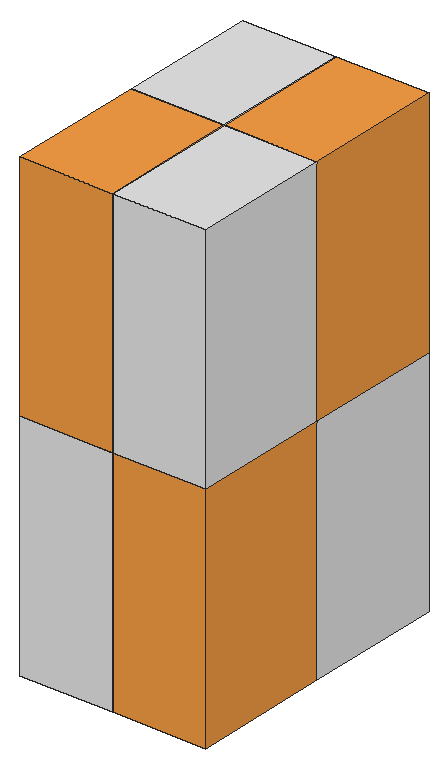
Revit family "DBU_GM_UN_Opening-SymbolicRectangular-MEPcontent_gen_BERSnl", category Generic Models, Revit 2022
Family settings
  Can host rebar = No
  Round Connector Dimension = Use Diameter
  Part Type = Normal
  Work Plane-Based = No
  Always vertical = No
  Cut with Voids When Loaded = No
  Maintain Annotation Orientation = No
  Shared = No
  Room Calculation Point = No
Parameters
  Response [instance] = if(DBU_OpeningStatus = 0, "Request", if(DBU_OpeningStatus = 1, "Declined", if(DBU_OpeningStatus = 2, "Approved", if(DBU_OpeningStatus = 3, "Approved Drilling", if(DBU_OpeningStatus = 4, "On Hold", if(DBU_OpeningStatus = 5, "Executed", "Invalid"))))))  # "Request"
  Request [instance] = DBU_OpeningStatus = 0  # yes
  On Hold [instance] = DBU_OpeningStatus = 3  # no
  Not Drilling [instance] = yes
  Execution Type [instance] = if(Not Drilling, "Not Drilling", "Drilling")  # "Not Drilling"
  Executed [instance] = DBU_OpeningStatus = 4  # no
  Drilling [instance] = not(Not Drilling)  # no
  Default Elevation = 0 mm
  Declined [instance] = DBU_OpeningStatus = 1  # no
  DBU_OpeningStatus [instance] = 0
  DBU_CTE_Zone [instance] = ""
  DBU_CTE_Z Value - Top [instance] = ""
  DBU_CTE_Z Value - Center [instance] = ""
  DBU_CTE_Z Coordinate Value [instance] = ""
  DBU_CTE_Level [instance] = ""
  DBU_CTE_ID [instance] = ""
  DBU_CTE_Host ID [instance] = ""
  DBU_CTE_Discipline [instance] = ""
  DBU_CTE_Classificatie [instance] = ""
  DBU_CTE_BuildingPart [instance] = ""
  DBU_CLE_Width [instance] = 200 mm
  DBU_CLE_Height [instance] = 500 mm
  DBU_CLE_Depth [instance] = 300 mm
  Approved [instance] = DBU_OpeningStatus = 2  # no
Reference planes
  plane 1 "Center (Front/Back)": y = 0
  plane 2: z = 0
  plane 3 "Center (Left/Right)": x = 0
Lines and regions (mm)
  model lines, style "InvisibleLines"
    curve 1: line (0, 0, -2500) -> (0, 0, 2500)
Dimensions and locks
  aligned and locked: level to plane 2
  aligned and locked: plane 3 "Center (Left/Right)" to nested 1
  aligned and locked: plane 1 "Center (Front/Back)" to nested 1
  aligned and locked: curve 1 to plane 3 "Center (Left/Right)"
  aligned and locked: curve 1 to plane 1 "Center (Front/Back)"
Nested families
  nested 1: "DBU_OpeningRectangular" at (0, 0, 0), Depth <- "DBU_CLE_Depth", Height <- "DBU_CLE_Height", Width <- "DBU_CLE_Width", ConstructorStatus <- "DBU_OpeningStatus", type "DBU_OpeningRectangular"
    with Width 200 mm, Request yes, RecessNeutral Color RGB 230-230-230, RecessDisplayMaterial none, OnHold no, Height 500 mm, Executed no, Depth 300 mm, Declined no, ConstructorStatus 0, Approved no
Definition of nested family "DBU_OpeningRectangular"
  Parameters (values of type "DBU_OpeningRectangular")
    Width [instance] = 1915.454 mm
    Request [instance] = not(or(Declined, Approved, OnHold, Executed))  # yes
    RecessNeutral [instance] = none
    RecessDisplayMaterial [instance] = none
    OnHold [instance] = ConstructorStatus = 3  # no
    Height [instance] = 304.8 mm
    Executed [instance] = ConstructorStatus = 4  # no
    Depth [instance] = 1954.727 mm
    Default Elevation = 1219.2 mm
    Declined [instance] = ConstructorStatus = 1  # no
    ConstructorStatus [instance] = 0
    Approved [instance] = ConstructorStatus = 2  # no
  Reference planes
    plane 1 "Center (Front/Back)": y = 0
    plane 2: z = 0
    plane 3 "Center (Left/Right)": x = 0
    plane 4: y = 977.363
    plane 5: x = 957.727
    plane 6: y = -977.363
    plane 7: x = -957.727
    plane 8: z = -304.8
    plane 9: z = -152.4
  Forms (mm)
    Extrusion 1, solid, material <- "RecessNeutral"
      sketch origin (0, 0, 0) x (1, 0, 0) y (0, 1, 0)
        loop
          line (-957.727, 0) -> (-957.727, -977.363) -> (0, -977.363) -> (0, 0) -> (-957.727, 0)
      from -304.8 to -152.4
    Extrusion 2, solid, visible <- "Request"
      sketch origin (0, 0, 0) x (1, 0, 0) y (0, 1, 0)
        loop
          line (0, 0) -> (0, -977.363) -> (957.727, -977.363) -> (957.727, 0) -> (0, 0)
      from -304.8 to -152.4
    Extrusion 3, solid, visible <- "Request"
      sketch origin (0, 0, 0) x (1, 0, 0) y (0, 1, 0)
        loop
          line (-957.727, 0) -> (-957.727, -977.363) -> (0, -977.363) -> (0, 0) -> (-957.727, 0)
      from -152.4 to 0
    Extrusion 4, solid, material <- "RecessNeutral"
      sketch origin (0, 0, 0) x (1, 0, 0) y (0, 1, 0)
        loop
          line (0, 0) -> (0, -977.363) -> (957.727, -977.363) -> (957.727, 0) -> (0, 0)
      from -152.4 to 0
    Extrusion 5, solid, visible <- "Request"
      sketch origin (0, 0, 0) x (1, 0, 0) y (0, 1, 0)
        loop
          line (-957.727, 977.363) -> (-957.727, 0) -> (0, 0) -> (0, 977.363) -> (-957.727, 977.363)
      from -304.8 to -152.4
    Extrusion 6, solid, material <- "RecessNeutral"
      sketch origin (0, 0, 0) x (1, 0, 0) y (0, 1, 0)
        loop
          line (0, 977.363) -> (0, 0) -> (957.727, 0) -> (957.727, 977.363) -> (0, 977.363)
      from -304.8 to -152.4
    Extrusion 7, solid, material <- "RecessNeutral"
      sketch origin (0, 0, 0) x (1, 0, 0) y (0, 1, 0)
        loop
          line (-957.727, 977.363) -> (-957.727, 0) -> (0, 0) -> (0, 977.363) -> (-957.727, 977.363)
      from -152.4 to 0
    Extrusion 8, solid, visible <- "Request"
      sketch origin (0, 0, 0) x (1, 0, 0) y (0, 1, 0)
        loop
          line (0, 977.363) -> (0, 0) -> (957.727, 0) -> (957.727, 977.363) -> (0, 977.363)
      from -152.4 to 0
    Extrusion 9, solid, visible <- "Declined"
      sketch origin (0, 0, 0) x (1, 0, 0) y (0, 1, 0)
        loop
          line (0, 0) -> (0, -977.363) -> (957.727, -977.363) -> (957.727, 0) -> (0, 0)
      from -304.8 to -152.4
    Extrusion 10, solid, visible <- "Declined"
      sketch origin (0, 0, 0) x (1, 0, 0) y (0, 1, 0)
        loop
          line (-957.727, 0) -> (-957.727, -977.363) -> (0, -977.363) -> (0, 0) -> (-957.727, 0)
      from -152.4 to 0
    Extrusion 11, solid, visible <- "Declined"
      sketch origin (0, 0, 0) x (1, 0, 0) y (0, 1, 0)
        loop
          line (-957.727, 977.363) -> (-957.727, 0) -> (0, 0) -> (0, 977.363) -> (-957.727, 977.363)
      from -304.8 to -152.4
    Extrusion 12, solid, visible <- "Declined"
      sketch origin (0, 0, 0) x (1, 0, 0) y (0, 1, 0)
        loop
          line (0, 977.363) -> (0, 0) -> (957.727, 0) -> (957.727, 977.363) -> (0, 977.363)
      from -152.4 to 0
    Extrusion 13, solid, visible <- "Approved"
      sketch origin (0, 0, 0) x (1, 0, 0) y (0, 1, 0)
        loop
          line (-957.727, 0) -> (-957.727, -977.363) -> (0, -977.363) -> (0, 0) -> (-957.727, 0)
      from -152.4 to 0
    Extrusion 14, solid, visible <- "Approved"
      sketch origin (0, 0, 0) x (1, 0, 0) y (0, 1, 0)
        loop
          line (0, 977.363) -> (0, 0) -> (957.727, 0) -> (957.727, 977.363) -> (0, 977.363)
      from -152.4 to 0
    Extrusion 15, solid, visible <- "Approved"
      sketch origin (0, 0, 0) x (1, 0, 0) y (0, 1, 0)
        loop
          line (0, 0) -> (0, -977.363) -> (957.727, -977.363) -> (957.727, 0) -> (0, 0)
      from -304.8 to -152.4
    Extrusion 16, solid, visible <- "Approved"
      sketch origin (0, 0, 0) x (1, 0, 0) y (0, 1, 0)
        loop
          line (-957.727, 977.363) -> (-957.727, 0) -> (0, 0) -> (0, 977.363) -> (-957.727, 977.363)
      from -304.8 to -152.4
    Extrusion 17, solid, visible <- "OnHold"
      sketch origin (0, 0, 0) x (1, 0, 0) y (0, 1, 0)
        loop
          line (-957.727, 0) -> (-957.727, -977.363) -> (0, -977.363) -> (0, 0) -> (-957.727, 0)
      from -152.4 to 0
    Extrusion 18, solid, visible <- "OnHold"
      sketch origin (0, 0, 0) x (1, 0, 0) y (0, 1, 0)
        loop
          line (0, 977.363) -> (0, 0) -> (957.727, 0) -> (957.727, 977.363) -> (0, 977.363)
      from -152.4 to 0
    Extrusion 19, solid, visible <- "OnHold"
      sketch origin (0, 0, 0) x (1, 0, 0) y (0, 1, 0)
        loop
          line (0, 0) -> (0, -977.363) -> (957.727, -977.363) -> (957.727, 0) -> (0, 0)
      from -304.8 to -152.4
    Extrusion 20, solid, visible <- "OnHold"
      sketch origin (0, 0, 0) x (1, 0, 0) y (0, 1, 0)
        loop
          line (-957.727, 977.363) -> (-957.727, 0) -> (0, 0) -> (0, 977.363) -> (-957.727, 977.363)
      from -304.8 to -152.4
    Extrusion 21, solid, visible <- "Executed"
      sketch origin (0, 0, 0) x (1, 0, 0) y (0, 1, 0)
        loop
          line (-957.727, 0) -> (-957.727, -977.363) -> (0, -977.363) -> (0, 0) -> (-957.727, 0)
      from -152.4 to 0
    Extrusion 22, solid, visible <- "Executed"
      sketch origin (0, 0, 0) x (1, 0, 0) y (0, 1, 0)
        loop
          line (0, 977.363) -> (0, 0) -> (957.727, 0) -> (957.727, 977.363) -> (0, 977.363)
      from -152.4 to 0
    Extrusion 23, solid, visible <- "Executed"
      sketch origin (0, 0, 0) x (1, 0, 0) y (0, 1, 0)
        loop
          line (0, 0) -> (0, -977.363) -> (957.727, -977.363) -> (957.727, 0) -> (0, 0)
      from -304.8 to -152.4
    Extrusion 24, solid, visible <- "Executed"
      sketch origin (0, 0, 0) x (1, 0, 0) y (0, 1, 0)
        loop
          line (-957.727, 977.363) -> (-957.727, 0) -> (0, 0) -> (0, 977.363) -> (-957.727, 977.363)
      from -304.8 to -152.4
  Dimensions and locks
    equal spacing: plane 7, plane 3 "Center (Left/Right)", plane 5
    "Width": plane 7 to plane 5
    equal spacing: plane 4, plane 1 "Center (Front/Back)", plane 6
    "Depth": plane 6 to plane 4
    "Height": level to plane 8
    equal spacing: level, plane 9, plane 8
    aligned and locked: level to plane 2
    aligned and locked: Extrusion 1 sketch curve to plane 7
    aligned and locked: Extrusion 1 sketch curve to plane 3 "Center (Left/Right)"
    aligned and locked: Extrusion 1 sketch curve to plane 6
    aligned and locked: Extrusion 1 to plane 8
    aligned and locked: plane 9 to Extrusion 1
    aligned and locked: plane 3 "Center (Left/Right)" to Extrusion 2 sketch curve
    aligned and locked: Extrusion 2 sketch curve to plane 6
    aligned and locked: Extrusion 2 sketch curve to plane 5
    aligned and locked: Extrusion 2 to plane 8
    aligned and locked: plane 9 to Extrusion 2
    aligned and locked: Extrusion 3 sketch curve to plane 7
    aligned and locked: Extrusion 3 sketch curve to plane 6
    aligned and locked: Extrusion 3 sketch curve to plane 3 "Center (Left/Right)"
    aligned and locked: Extrusion 3 to plane 9
    aligned and locked: level to Extrusion 3
    aligned and locked: plane 3 "Center (Left/Right)" to Extrusion 4 sketch curve
    aligned and locked: Extrusion 4 sketch curve to plane 6
    aligned and locked: Extrusion 4 sketch curve to plane 5
    aligned and locked: Extrusion 4 to plane 9
    aligned and locked: level to Extrusion 4
    aligned and locked: plane 1 "Center (Front/Back)" to Extrusion 3 sketch curve
    aligned and locked: plane 1 "Center (Front/Back)" to Extrusion 4 sketch curve
    aligned and locked: plane 1 "Center (Front/Back)" to Extrusion 2 sketch curve
    aligned and locked: plane 1 "Center (Front/Back)" to Extrusion 1 sketch curve
    aligned and locked: Extrusion 5 sketch curve to plane 4
    aligned and locked: Extrusion 5 sketch curve to plane 7
    aligned and locked: Extrusion 5 sketch curve to plane 1 "Center (Front/Back)"
    aligned and locked: Extrusion 5 sketch curve to plane 3 "Center (Left/Right)"
    aligned and locked: plane 3 "Center (Left/Right)" to Extrusion 6 sketch curve
    aligned and locked: Extrusion 6 sketch curve to plane 4
    aligned and locked: Extrusion 6 sketch curve to plane 5
    aligned and locked: Extrusion 6 sketch curve to plane 1 "Center (Front/Back)"
    aligned and locked: Extrusion 6 to plane 8
    aligned and locked: plane 9 to Extrusion 6
    aligned and locked: Extrusion 5 to plane 8
    aligned and locked: plane 9 to Extrusion 5
    aligned and locked: Extrusion 7 sketch curve to plane 7
    aligned and locked: Extrusion 7 sketch curve to plane 4
    aligned and locked: Extrusion 7 sketch curve to plane 3 "Center (Left/Right)"
    aligned and locked: Extrusion 7 sketch curve to plane 1 "Center (Front/Back)"
    aligned and locked: plane 3 "Center (Left/Right)" to Extrusion 8 sketch curve
    aligned and locked: Extrusion 8 sketch curve to plane 4
    aligned and locked: Extrusion 8 sketch curve to plane 5
    aligned and locked: Extrusion 8 sketch curve to plane 1 "Center (Front/Back)"
    aligned and locked: Extrusion 8 to plane 9
    aligned and locked: level to Extrusion 8
    aligned and locked: Extrusion 7 to plane 9
    aligned and locked: level to Extrusion 7
    aligned and locked: Extrusion 9 sketch curve to plane 5
    aligned and locked: plane 1 "Center (Front/Back)" to Extrusion 9 sketch curve
    aligned and locked: plane 3 "Center (Left/Right)" to Extrusion 9 sketch curve
    aligned and locked: Extrusion 9 sketch curve to plane 6
    aligned and locked: Extrusion 10 sketch curve to plane 7
    aligned and locked: plane 1 "Center (Front/Back)" to Extrusion 10 sketch curve
    aligned and locked: Extrusion 10 sketch curve to plane 3 "Center (Left/Right)"
    aligned and locked: Extrusion 10 sketch curve to plane 6
    aligned and locked: plane 3 "Center (Left/Right)" to Extrusion 12 sketch curve
    aligned and locked: Extrusion 12 sketch curve to plane 1 "Center (Front/Back)"
    aligned and locked: Extrusion 12 sketch curve to plane 5
    aligned and locked: Extrusion 12 sketch curve to plane 4
    aligned and locked: Extrusion 11 sketch curve to plane 7
    aligned and locked: Extrusion 11 sketch curve to plane 4
    aligned and locked: Extrusion 11 sketch curve to plane 3 "Center (Left/Right)"
    aligned and locked: Extrusion 11 sketch curve to plane 1 "Center (Front/Back)"
    aligned and locked: Extrusion 10 to plane 9
    aligned and locked: level to Extrusion 10
    aligned and locked: Extrusion 12 to plane 9
    aligned and locked: plane 8 to Extrusion 2
    aligned and locked: plane 2 to Extrusion 12
    aligned and locked: Extrusion 9 to plane 8
    aligned and locked: plane 9 to Extrusion 11
    aligned and locked: Extrusion 11 to plane 8
    aligned and locked: Extrusion 11 to plane 9  (x3)
    aligned and locked: Extrusion 10 to level  (x2)
    aligned and locked: plane 9 to Extrusion 9
    aligned and locked: plane 9 to Extrusion 10
    aligned and locked: plane 8 to Extrusion 11  (x2)
    aligned and locked: level to Extrusion 12
    aligned and locked: plane 9 to Extrusion 12
    aligned and locked: Extrusion 14 sketch curve to plane 1 "Center (Front/Back)"
    aligned and locked: plane 3 "Center (Left/Right)" to Extrusion 14 sketch curve
    aligned and locked: Extrusion 14 sketch curve to plane 4
    aligned and locked: Extrusion 14 sketch curve to plane 5
    aligned and locked: Extrusion 13 sketch curve to plane 7
    aligned and locked: Extrusion 13 sketch curve to plane 6
    aligned and locked: Extrusion 13 sketch curve to plane 3 "Center (Left/Right)"
    aligned and locked: plane 1 "Center (Front/Back)" to Extrusion 13 sketch curve
    aligned and locked: Extrusion 13 to plane 9
    aligned and locked: level to Extrusion 13
    aligned and locked: plane 9 to Extrusion 16
    aligned and locked: Extrusion 16 to plane 8
    aligned and locked: plane 9 to Extrusion 15
    aligned and locked: Extrusion 15 to plane 8
    aligned and locked: plane 3 "Center (Left/Right)" to Extrusion 15 sketch curve
    aligned and locked: plane 1 "Center (Front/Back)" to Extrusion 15 sketch curve
    aligned and locked: Extrusion 15 sketch curve to plane 5
    aligned and locked: Extrusion 15 sketch curve to plane 6
    aligned and locked: Extrusion 16 sketch curve to plane 7
    aligned and locked: Extrusion 16 sketch curve to plane 4
    aligned and locked: Extrusion 16 sketch curve to plane 3 "Center (Left/Right)"
    aligned and locked: Extrusion 16 sketch curve to plane 1 "Center (Front/Back)"
    aligned and locked: Extrusion 14 to plane 9
    aligned and locked: level to Extrusion 14
    aligned and locked: Extrusion 20 sketch curve to plane 7
    aligned and locked: Extrusion 20 sketch curve to plane 4
    aligned and locked: Extrusion 20 sketch curve to plane 3 "Center (Left/Right)"
    aligned and locked: Extrusion 20 sketch curve to plane 1 "Center (Front/Back)"
    aligned and locked: Extrusion 20 to plane 8
    aligned and locked: plane 9 to Extrusion 20
    aligned and locked: Extrusion 17 sketch curve to plane 7
    aligned and locked: plane 1 "Center (Front/Back)" to Extrusion 17 sketch curve
    aligned and locked: Extrusion 17 sketch curve to plane 3 "Center (Left/Right)"
    aligned and locked: Extrusion 17 sketch curve to plane 6
    aligned and locked: Extrusion 17 to plane 9
    aligned and locked: level to Extrusion 17
    aligned and locked: plane 3 "Center (Left/Right)" to Extrusion 19 sketch curve
    aligned and locked: plane 1 "Center (Front/Back)" to Extrusion 19 sketch curve
    aligned and locked: Extrusion 19 sketch curve to plane 5
    aligned and locked: Extrusion 19 sketch curve to plane 6
    aligned and locked: Extrusion 19 to plane 8
    aligned and locked: plane 9 to Extrusion 19
    aligned and locked: plane 3 "Center (Left/Right)" to Extrusion 18 sketch curve
    aligned and locked: Extrusion 18 sketch curve to plane 4
    aligned and locked: Extrusion 18 sketch curve to plane 5
    aligned and locked: Extrusion 18 sketch curve to plane 1 "Center (Front/Back)"
    aligned and locked: Extrusion 18 to plane 9
    aligned and locked: level to Extrusion 18
    aligned and locked: Extrusion 21 sketch curve to plane 7
    aligned and locked: Extrusion 21 sketch curve to plane 6
    aligned and locked: plane 1 "Center (Front/Back)" to Extrusion 21 sketch curve
    aligned and locked: Extrusion 21 sketch curve to plane 3 "Center (Left/Right)"
    aligned and locked: Extrusion 21 to plane 9
    aligned and locked: level to Extrusion 21
    aligned and locked: plane 3 "Center (Left/Right)" to Extrusion 23 sketch curve
    aligned and locked: Extrusion 23 sketch curve to plane 5
    aligned and locked: Extrusion 23 sketch curve to plane 6
    aligned and locked: plane 1 "Center (Front/Back)" to Extrusion 23 sketch curve
    aligned and locked: plane 9 to Extrusion 23
    aligned and locked: Extrusion 23 to plane 8
    aligned and locked: plane 3 "Center (Left/Right)" to Extrusion 22 sketch curve
    aligned and locked: Extrusion 22 sketch curve to plane 1 "Center (Front/Back)"
    aligned and locked: Extrusion 22 sketch curve to plane 5
    aligned and locked: Extrusion 22 sketch curve to plane 4
    aligned and locked: Extrusion 22 to plane 9
    aligned and locked: level to Extrusion 22
    aligned and locked: Extrusion 24 sketch curve to plane 7
    aligned and locked: Extrusion 24 sketch curve to plane 4
    aligned and locked: Extrusion 24 sketch curve to plane 3 "Center (Left/Right)"
    aligned and locked: Extrusion 24 sketch curve to plane 1 "Center (Front/Back)"
    aligned and locked: plane 9 to Extrusion 24
    aligned and locked: Extrusion 24 to plane 8
